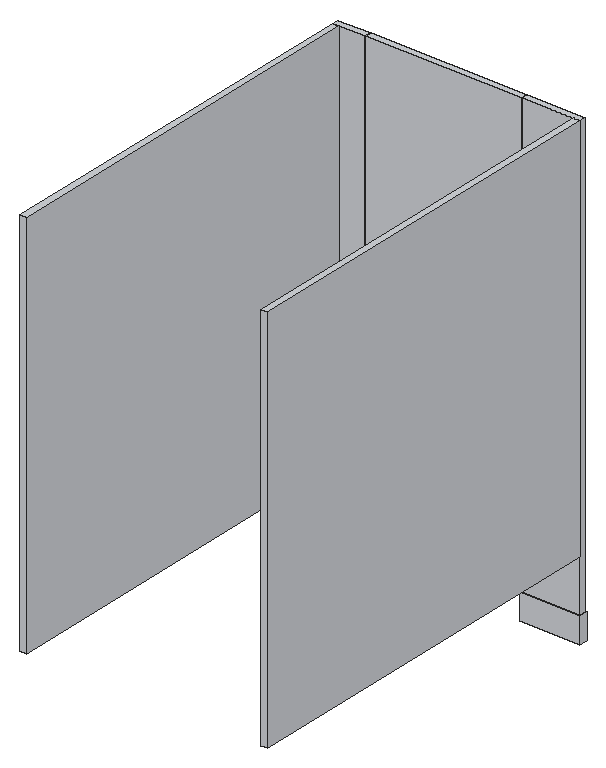
Revit family "r25_MY_Restroom Stall_90_content", category Generic Models, Revit 2025
Family settings
  Can host rebar = No
  Round Connector Dimension = Use Diameter
  Part Type = Normal
  OmniClass Number = 23.25.40.14.14.11
  OmniClass Title = Toilet Compartments and Urinal Screens
  Work Plane-Based = No
  Always vertical = Yes
  Cut with Voids When Loaded = No
  Maintain Annotation Orientation = No
  Shared = No
  Room Calculation Point = No
Parameters (values of type "3x5")
  TO Panel = 6' - 0"
  Switch Door Swing [instance] = yes
  Stall Door Width [instance] = 2' - 0"
  Stall Door Shift = 0' - 0"
  Stall Clear Depth [instance] = 5' - 0"
  Stall Clear Width [instance] = 3' - 0"
  Show Door Swing in Elevation [instance] = yes
  Pilaster2Width [instance] = (Stall Clear Width - Stall Door Width) - (Door Offset)  # 0' - 8"
  Door Offset [instance] = 0' - 4"
  Pilaster Shoe Height = 0' - 4"
  Pilaster Shoe Finish (Material) [instance] = none
  Panel on Side 2 [instance] = yes
  Panel on Side 1 [instance] = yes
  Panel Thickness = 0' - 1"
  Panel Finish (Material) [instance] = none
  Keynote = "10 2113.14.TA-14"
  Door Swings In [instance] = yes
  Default Elevation = 0' - 0"
  BO Panel = 1' - 0"
  Assembly Code = "C1010400"
  ACM Version = "1.0"  # constant formula
Types (2): name | Stall Clear Depth | Stall Clear Width | Pilaster2Width | Door Swings In
  3x5 | 5' - 0" | 3' - 0" | 0' - 8" | yes
  5x5 | 7' - 0" | 5' - 0" | 2' - 8" | no
Reference planes (in)
  plane 1 "Center (Front/Back)": y = 0
  plane 2: z = 0
  plane 3 "Center (Left/Right)": x = 0
  plane 4: y = 60
  plane 5: x = 36
  plane 6: x = 4
Lines and regions (in)
  model lines, style "InvisibleLines"
    curve 1: line (18, 0, 0) -> (18, 6, 0)
    curve 2: line (0, 0, 0) -> (36, 0, 0)
Dimensions and locks (in)
  "Stall Clear Depth": plane 4 to plane 1 "Center (Front/Back)"
  "Stall Clear Width": plane 3 "Center (Left/Right)" to plane 5
  plane 3 "Center (Left/Right)" to curve 1 = 1' - 6"
  "Door Offset": plane 3 "Center (Left/Right)" to plane 6
  aligned and locked: plane 2 to level
  aligned and locked: plane 3 "Center (Left/Right)" to nested 2
  aligned and locked: plane 1 "Center (Front/Back)" to nested 2
  aligned and locked: nested 1 to plane 5
  aligned and locked: plane 1 "Center (Front/Back)" to nested 1
  aligned and locked: nested 3 to plane 4
  aligned and locked: nested 4 to plane 4
  aligned and locked: plane 3 "Center (Left/Right)" to nested 4
  aligned and locked: plane 1 "Center (Front/Back)" to curve 1
  aligned and locked: nested 3 to plane 6
  aligned and locked: plane 5 to nested 5
  aligned and locked: nested 5 to plane 4
  aligned and locked: plane 1 "Center (Front/Back)" to curve 2
Automatic sketch dimensions
  curve 2 to plane 3 "Center (Left/Right)" = 0' - 0"
  curve 2 to plane 5 = 0' - 0"
  curve 1 to plane 1 "Center (Front/Back)" = 0' - 6"
Nested families (in)
  nested 1: "102113_Panel" at (36.5, 0, 0), TO Panel <- "TO Panel", Panel Thickness <- "Panel Thickness", BO Panel <- "BO Panel", visible <- "Panel on Side 2", Panel Finish (Material) <- "Panel Finish (Material)", Panel Length <- "Stall Clear Depth", type "102113_Panel"
    with TO Panel 6' - 0", Panel Thickness 0' - 1", Panel Length 5' - 0", Panel Finish (Material) none, BO Panel 1' - 0"
  nested 2: "102113_Panel" at (-0.5, 0, 0), TO Panel <- "TO Panel", Panel Thickness <- "Panel Thickness", BO Panel <- "BO Panel", visible <- "Panel on Side 1", Panel Length <- "Stall Clear Depth", type "102113_Panel"
    with TO Panel 6' - 0", Panel Thickness 0' - 1", Panel Length 5' - 0", Panel Finish (Material) none, BO Panel 1' - 0"
  nested 3: "102113_Door" at (15, 60.5, 0), Show Door Swing in Elev <- "Show Door Swing in Elevation", Door Swings Left <- "Switch Door Swing", Door Swings In <- "Door Swings In", Panel Finish (Material) <- "Panel Finish (Material)", Panel Thickness <- "Panel Thickness", TO Door <- "TO Panel", Door Shift <- "Stall Door Shift", Door Width <- "Stall Door Width", BO Door <- "BO Panel", type "102113_Door"
    with TO Door 6' - 0", Show Door Swing in Elev yes, RightSwingVis no, RHR no, RH no, Panel Thickness 0' - 1", Panel Finish (Material) none, OffsetDriver 1' - 0", LeftSwingVis yes, LHR yes, LH no, Door Width 2' - 0", Door Swings Right no, Door Swings Out no, Door Swings Left yes, Door Swings In yes, Door Shift 0' - 0", Door Panel yes, BO Door 1' - 0"
  nested 4: "Left_End Pilaster_FA" at (0, 60, 0), Pilaster Shoe Finish (Material) <- "Pilaster Shoe Finish (Material)", Panel Finish (Material) <- "Panel Finish (Material)", TO Pilaster <- "TO Panel", Pilaster Width <- "Door Offset", Pilaster Shoe Height <- "Pilaster Shoe Height", Panel Thickness <- "Panel Thickness", Adjacent to Panel <- "Panel on Side 1", type "Left_End Pilaster_FA"
    with TO Pilaster 6' - 0", Pilaster Width 0' - 4", Pilaster Shoe Height 0' - 4", Pilaster Shoe Finish (Material) none, Panel Thickness 0' - 1", Panel Finish (Material) none, OffsetDriver 0' - 1", Front Panel yes, Adjacent to Panel yes
  nested 5: "ACM_Right_End Pilaster_FA" at (36, 61, 0) x (-1, 0, 0) z (0, 0, 1), TO Pilaster <- "TO Panel", Pilaster Width <- "Pilaster2Width", Pilaster Shoe Height <- "Pilaster Shoe Height", Panel Thickness <- "Panel Thickness", type "ACM_Right_End Pilaster_FA"
    with TO Pilaster 6' - 0", Pilaster Width 0' - 8", Pilaster Shoe Height 0' - 4", Pilaster Shoe Finish (Material) none, Panel Thickness 0' - 1", Panel Finish (Material) none, OffsetDriver 0' - 1", Front Panel yes, Adjacent to Panel yes
Definition of nested family "102113_Panel"
  Parameters
    TO Panel [instance] = 5' - 10"
    Panel Length [instance] = 5' - 0"
    Panel Thickness [instance] = 0' - 1"
    Panel Finish (Material) [instance] = none
    Default Elevation = 0' - 0"
    BO Panel [instance] = 1' - 0"
    Assembly Code = ""
  Reference planes (in)
    plane 1 "Front": y = 0
    plane 2: z = 0
    plane 3 "Center (Left/Right)": x = 0
    plane 4 "Back": y = 60
    plane 5: x = 0.5
    plane 6: x = -0.5
  Forms (in)
    Extrusion 1, solid, material <- "Panel Finish (Material)"
      sketch origin (0, 0, 0) x (1, 0, 0) y (0, 1, 0)
        loop
          line (-0.5, 0) -> (0.5, 0) -> (0.5, 60) -> (-0.5, 60) -> (-0.5, 0)
      from 12 <- "BO Panel" to 70 <- "TO Panel"
  Dimensions and locks (in)
    "Panel Length": plane 4 "Back" to plane 1 "Front"
    equal spacing: plane 6, plane 3 "Center (Left/Right)", plane 5
    "Panel Thickness": plane 6 to plane 5
    aligned and locked: plane 1 "Front" to Extrusion 1 sketch curve
    aligned and locked: plane 5 to Extrusion 1 sketch curve
    aligned and locked: plane 4 "Back" to Extrusion 1 sketch curve
    aligned and locked: Extrusion 1 sketch curve to plane 6
Definition of nested family "102113_Door"
  Parameters (values of type "102113_Door")
    Show Door Swing in Elev [instance] = yes
    RightSwingVis [instance] = and(Show Door Swing in Elev, Door Swings Right)  # yes
    RHR [instance] = and(Door Swings Right, Door Swings In)  # yes
    RH [instance] = and(Door Swings Right, Door Swings Out)  # no
    Panel Thickness [instance] = 0' - 1"
    TO Door [instance] = 5' - 10"
    Panel Finish (Material) [instance] = none
    Door Shift [instance] = 0' - 0"
    LeftSwingVis [instance] = and(Show Door Swing in Elev, Door Swings Left)  # no
    OffsetDriver [instance] = Door Width / 2 + Door Shift  # 1' - 3"
    LHR [instance] = and(Door Swings Left, Door Swings In)  # no
    LH [instance] = and(Door Swings Left, Door Swings Out)  # no
    Door Width [instance] = 2' - 6"
    Door Swings Right [instance] = not(Door Swings Left)  # yes
    Door Swings Out [instance] = not(Door Swings In)  # no
    Door Swings Left [instance] = no
    Door Swings In [instance] = yes
    Door Panel [instance] = yes
    Default Elevation = 0' - 0"
    BO Door [instance] = 1' - 0"
    Assembly Code = ""
  Reference planes (in)
    plane 1 "Center (Front/Back)": y = 0
    plane 2: z = 0
    plane 3 "Center (Left/Right)": x = 1
    plane 4: z = 12
    plane 5: z = 70
    plane 6 "Door Front": y = 0.5
    plane 7: y = -0.5
    plane 8: x = 16
    plane 9: x = -14
    plane 10: y = -30.5
    plane 11: x = -13
    plane 12: y = 30.5
    plane 13: x = 15
  Forms (in)
    Extrusion 1, solid, material <- "Panel Finish (Material)", visible <- "Door Panel"
      sketch origin (0, 0, 0) x (1, 0, 0) y (0, 1, 0)
        loop
          line (-14, -0.5) -> (16, -0.5) -> (16, 0.5) -> (-14, 0.5) -> (-14, -0.5)
      from 12 <- "BO Door" to 70 <- "TO Door"
  Lines and regions (in)
    symbolic lines, visible <- "LHR"
      curve 1: line (-14, -0.5, 0) -> (-13, -0.5, 0)
      curve 2: line (-14, -30.5, 0) -> (-14, -0.5, 0)
      curve 3: line (-13, -30.5, 0) -> (-14, -30.5, 0)
      curve 4: line (-13, -0.5, 0) -> (-13, -30.5, 0)
      curve 5: arc (16, -0.5, 0) -> (7.2132, -21.7132, 0) -> (-14, -30.5, 0) r 30
    symbolic lines, visible <- "LH"
      curve 6: line (-14, 30.5, 0) -> (-13, 30.5, 0)
      curve 7: line (-14, 0.5, 0) -> (-14, 30.5, 0)
      curve 8: line (-13, 0.5, 0) -> (-14, 0.5, 0)
      curve 9: line (-13, 30.5, 0) -> (-13, 0.5, 0)
      curve 10: arc (16, 0.5, 0) -> (7.2132, 21.7132, 0) -> (-14, 30.5, 0) r 30
    symbolic lines, visible <- "RH"
      curve 11: line (16, 0.5, 0) -> (15, 0.5, 0)
      curve 12: line (16, 30.5, 0) -> (16, 0.5, 0)
      curve 13: line (15, 30.5, 0) -> (16, 30.5, 0)
      curve 14: line (15, 0.5, 0) -> (15, 30.5, 0)
      curve 15: arc (16, 30.5, 0) -> (-5.2132, 21.7132, 0) -> (-14, 0.5, 0) r 30
    symbolic lines, visible <- "RHR"
      curve 16: line (16, -0.5, 0) -> (15, -0.5, 0)
      curve 17: line (16, -30.5, 0) -> (16, -0.5, 0)
      curve 18: line (15, -30.5, 0) -> (16, -30.5, 0)
      curve 19: line (15, -0.5, 0) -> (15, -30.5, 0)
      curve 20: arc (16, -30.5, 0) -> (-5.2132, -21.7132, 0) -> (-14, -0.5, 0) r 30
    model lines, visible <- "LeftSwingVis"
      curve 21: line (16, 0.5, 70) -> (-14, 0.5, 41)
      curve 22: line (-14, 0.5, 41) -> (16, 0.5, 12)
    model lines, visible <- "RightSwingVis"
      curve 23: line (-14, 0.5, 70) -> (16, 0.5, 41)
      curve 24: line (16, 0.5, 41) -> (-14, 0.5, 12)
  Dimensions and locks (in)
    equal spacing: plane 7, plane 1 "Center (Front/Back)", plane 6 "Door Front"
    "Panel Thickness": plane 6 "Door Front" to plane 7
    "Door Width": plane 9 to plane 8
    "Door Width": plane 7 to plane 10
    "Panel Thickness": plane 9 to plane 11
    equal spacing: plane 4, curve 22, plane 5
    "Door Width": plane 12 to plane 6 "Door Front"
    equal spacing: plane 5, curve 24, plane 4
    "Panel Thickness": plane 13 to plane 8
    "BO Door": plane 4 to level
    "TO Door": plane 5 to level
    "OffsetDriver": plane 9 to plane 3 "Center (Left/Right)"
    aligned and locked: plane 9 to curve 2
    aligned and locked: curve 4 to plane 11
    aligned and locked: curve 1 to plane 7
    aligned and locked: curve 3 to plane 10
    aligned and locked: plane 9 to Extrusion 1 sketch curve
    aligned and locked: plane 6 "Door Front" to Extrusion 1 sketch curve
    aligned and locked: plane 8 to Extrusion 1 sketch curve
    aligned and locked: Extrusion 1 sketch curve to plane 7
    aligned and locked: plane 12 to curve 6
    aligned and locked: plane 6 "Door Front" to curve 9
    aligned and locked: curve 9 to plane 11
    aligned and locked: plane 9 to curve 7
    aligned and locked: plane 6 "Door Front" to curve 11
    aligned and locked: curve 12 to plane 8
    aligned and locked: plane 13 to curve 14
    aligned and locked: plane 12 to curve 13
    aligned and locked: plane 10 to curve 18
    aligned and locked: curve 19 to plane 13
    aligned and locked: plane 8 to curve 17
    aligned and locked: plane 7 to curve 16
  Automatic sketch dimensions
    curve 15 to plane 6 "Door Front" = 0' - 0"
    curve 21 to plane 5 = 0' - 0"
    curve 21 to plane 8 = 0' - 0"
    curve 21 to plane 9 = 0' - 0"
    curve 22 to plane 4 = 0' - 0"
    curve 22 to plane 8 = 0' - 0"
    curve 23 to plane 5 = 0' - 0"
    curve 23 to plane 9 = 0' - 0"
    curve 24 to plane 8 = 0' - 0"
    curve 24 to plane 4 = 0' - 0"
    curve 24 to plane 9 = 0' - 0"
Definition of nested family "Left_End Pilaster_FA"
  Parameters (values of type "102113_End Pilaster_FA")
    TO Pilaster [instance] = 6' - 10"
    Pilaster Width [instance] = 0' - 4"
    Pilaster Shoe Height [instance] = 0' - 4"
    Panel Thickness [instance] = 0' - 1"
    Front Panel [instance] = yes
    Default Elevation = 0' - 0"
    Adjacent to Panel [instance] = yes
    Pilaster Shoe Finish (Material) [instance] = none
    Panel Finish (Material) [instance] = none
    OffsetDriver [instance] = if(Adjacent to Panel, Panel Thickness, 0' 0")  # 0' - 1"
  Reference planes (in)
    plane 1 "Center (Front/Back)": y = 0
    plane 2: z = 0
    plane 3 "Center (Left/Right)": x = 0
    plane 4: x = 4
    plane 5: x = -1
    plane 6: y = 1
    plane 7: z = 4
    plane 8: z = 82
  Forms (in)
    Extrusion 1, solid, material <- "Pilaster Shoe Finish (Material)", visible <- "Front Panel"
      sketch origin (0, 0, 0) x (1, 0, 0) y (0, 1, 0)
        loop
          line (-1.125, 1.125) -> (-1.125, -0.125) -> (4.125, -0.125) -> (4.125, 1.125) -> (-1.125, 1.125)
      from 0 to 4
    Extrusion 2, solid, material <- "Panel Finish (Material)", visible <- "Front Panel"
      sketch origin (0, 0, 0) x (1, 0, 0) y (0, 1, 0)
        loop
          line (-1, 1) -> (-1, 0) -> (4, 0) -> (4, 1) -> (-1, 1)
      from 4 to 82
  Dimensions and locks (in)
    "OffsetDriver": plane 5 to plane 3 "Center (Left/Right)"
    "Pilaster Shoe Height": plane 7 to level
    "TO Pilaster": plane 8 to level
    locked: plane 4 to Extrusion 1 sketch curve at 0.125
    locked: Extrusion 1 sketch curve to plane 5 at 0.125
    locked: Extrusion 1 sketch curve to plane 6 at 0.125
    "Panel Thickness": plane 1 "Center (Front/Back)" to plane 6
    locked: Extrusion 1 sketch curve to plane 1 "Center (Front/Back)" at 0.125
    "Pilaster Width": plane 3 "Center (Left/Right)" to plane 4
    aligned and locked: plane 2 to level
    aligned and locked: Extrusion 1 to level
    aligned and locked: plane 7 to Extrusion 1
    aligned and locked: plane 4 to Extrusion 2 sketch curve
    aligned and locked: Extrusion 2 sketch curve to plane 6
    aligned and locked: plane 5 to Extrusion 2 sketch curve
    aligned and locked: plane 8 to Extrusion 2
    aligned and locked: Extrusion 2 to plane 7
    aligned and locked: Extrusion 2 sketch curve to plane 1 "Center (Front/Back)"
Definition of nested family "ACM_Right_End Pilaster_FA"
  Parameters (values of type "ACM_rIGHT_End Pilaster_FA")
    TO Pilaster [instance] = 6' - 10"
    Pilaster Width [instance] = 0' - 4"
    Pilaster Shoe Height [instance] = 0' - 4"
    Panel Thickness [instance] = 0' - 1"
    Front Panel [instance] = yes
    Default Elevation = 0' - 0"
    Adjacent to Panel [instance] = yes
    Pilaster Shoe Finish (Material) [instance] = none
    Panel Finish (Material) [instance] = none
    OffsetDriver [instance] = if(Adjacent to Panel, Panel Thickness, 0' 0")  # 0' - 1"
  Reference planes (in)
    plane 1 "Center (Front/Back)": y = 0
    plane 2: z = 0
    plane 3 "Center (Left/Right)": x = 0
    plane 4: x = 4
    plane 5: x = -1
    plane 6: y = 1
    plane 7: z = 4
    plane 8: z = 82
  Forms (in)
    Extrusion 1, solid, material <- "Pilaster Shoe Finish (Material)", visible <- "Front Panel"
      sketch origin (0, 0, 0) x (1, 0, 0) y (0, 1, 0)
        loop
          line (-1.125, 1.125) -> (-1.125, -0.125) -> (4.125, -0.125) -> (4.125, 1.125) -> (-1.125, 1.125)
      from 0 to 4
    Extrusion 2, solid, material <- "Panel Finish (Material)", visible <- "Front Panel"
      sketch origin (0, 0, 0) x (1, 0, 0) y (0, 1, 0)
        loop
          line (-1, 1) -> (-1, 0) -> (4, 0) -> (4, 1) -> (-1, 1)
      from 4 to 82
  Dimensions and locks (in)
    "OffsetDriver": plane 5 to plane 3 "Center (Left/Right)"
    "Pilaster Shoe Height": plane 7 to level
    "TO Pilaster": plane 8 to level
    locked: plane 4 to Extrusion 1 sketch curve at 0.125
    locked: Extrusion 1 sketch curve to plane 5 at 0.125
    locked: Extrusion 1 sketch curve to plane 6 at 0.125
    "Panel Thickness": plane 1 "Center (Front/Back)" to plane 6
    locked: Extrusion 1 sketch curve to plane 1 "Center (Front/Back)" at 0.125
    "Pilaster Width": plane 3 "Center (Left/Right)" to plane 4
    aligned and locked: plane 2 to level
    aligned and locked: Extrusion 1 to level
    aligned and locked: plane 7 to Extrusion 1
    aligned and locked: plane 4 to Extrusion 2 sketch curve
    aligned and locked: Extrusion 2 sketch curve to plane 6
    aligned and locked: plane 5 to Extrusion 2 sketch curve
    aligned and locked: plane 8 to Extrusion 2
    aligned and locked: Extrusion 2 to plane 7
    aligned and locked: Extrusion 2 sketch curve to plane 1 "Center (Front/Back)"
